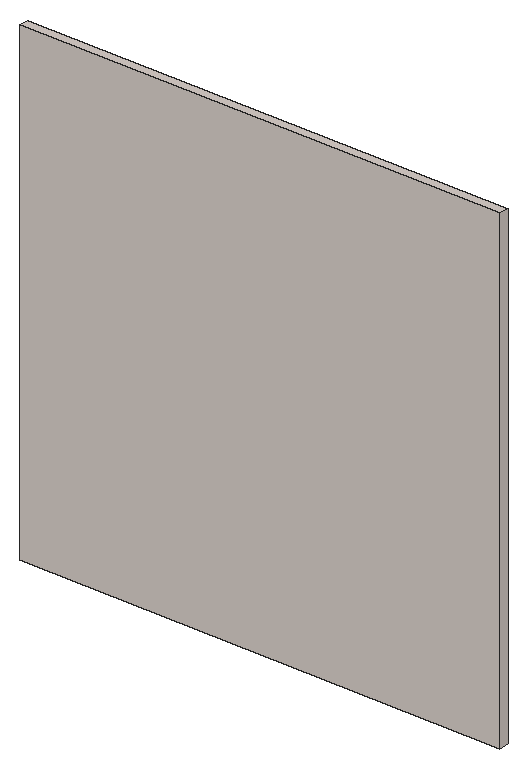
Revit family "BASE DECORADA SERENA MULTICOLOR CU_608421791", category Modelos genéricos, Revit 2024
Family settings
  Puede alojar armadura = No
  Cota de conector redondo = Usar diámetro
  Tipo de pieza = Normal
  Se basa en plano de trabajo = No
  Siempre vertical = Sí
  Corte con vacíos al cargar = No
  Mantener orientación de anotación = No
  Compartido = No
  Punto de cálculo de habitación = No
Parameters
  Elevación por defecto = 0 mm
Reference planes
  plane 1 "Center (Front/Back)": y = 0
  plane 2: z = 0
  plane 3 "Center (Left/Right)": x = 0
Forms (mm)
  Extrusion 1, solid, material "Analytical Panels"
    sketch origin (0, 0, 0) x (1, 0, 0) y (0, 1, 0)
      loop
        line (-1366.384, -136.448) -> (-1366.384, -194.576) -> (1633.616, -194.576) -> (1633.616, -136.448) -> (-1366.384, -136.448)
    from 0 to 3000
Dimensions and locks
  Extrusion 1 sketch curve to Extrusion 1 sketch curve = 58.128 mm
  Extrusion 1 to Extrusion 1 = 3000 mm  (x2)
  aligned and locked: level to plane 2
